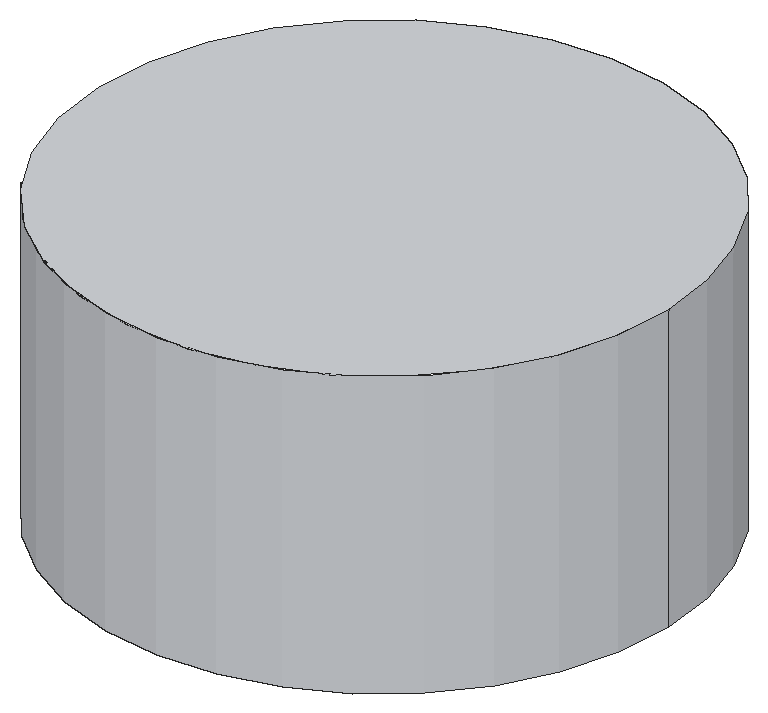
Revit family "ASF-20-C6", category Mechanical Equipment, Revit 2023
Family settings
  Round Connector Dimension = Use Diameter
  Classification = None
  Part Type = Normal
  OmniClass Number = 23.75.00.00
  OmniClass Title = Climate Control (HVAC)
  Work Plane-Based = No
  Always vertical = Yes
  Cut with Voids When Loaded = No
  Maintain Annotation Orientation = No
  Shared = No
  Room Calculation Point = No
Parameters (values of type "Standard")
  Volume = 0.118758 CF
  Title = "Aura Solar Attic Fan - 20\" Diameter, 6\" Tall Collar"
  Subject = "ASF-20-C6"
  Requested Accuracy = "Low"
  Part Number = "ASF-20-C6"
  Mass = 14.6084 lbm
  Designer = "CAD Machine"
  Design State = 1
  Density = 123.009 lb/ft³
  Default Elevation = 0' - 0"
  Creation Date = "11/21/2022"
  Connector_1_Diameter = 1' - 7 3/4"
  Center of Gravity = "X: 0.021 in Y: -5.975 in Z: -0.060 in"
  Author = "CAD Machine"
  Area = 72.4523 SF
Reference planes (in)
  plane 1 "Center (Front/Back)": y = 0
  plane 2: z = 0
  plane 3 "Center (Left/Right)": x = 0
Forms (in)
  Extrusion 1, solid
    sketch origin (0, 0, -16.59716) x (1, 0, 0) y (0, 1, 0)
      loop
        circle (0, 0) r 0.12
    from 0 to -0.12
Dimensions and locks (in)
  aligned and locked: plane 2 to level
Connectors (in)
  hvac at (0, 0, -16.59716), driven by "Connector_1_Diameter"
    settings: on Extrusion 1, index 1, duct flow 0 CFM, flow factor 0, pres drop 0.00 in-wg, loss coef 0, conn angle 0.00°, conn width 12", conn height 12", conn diameter 19 3/4", duct sys type 3, conn prof type 0, flow config 1, flow direction 1, loss method 0, conn ref index -1, conn util no, is conn primary yes, conn desc ""
